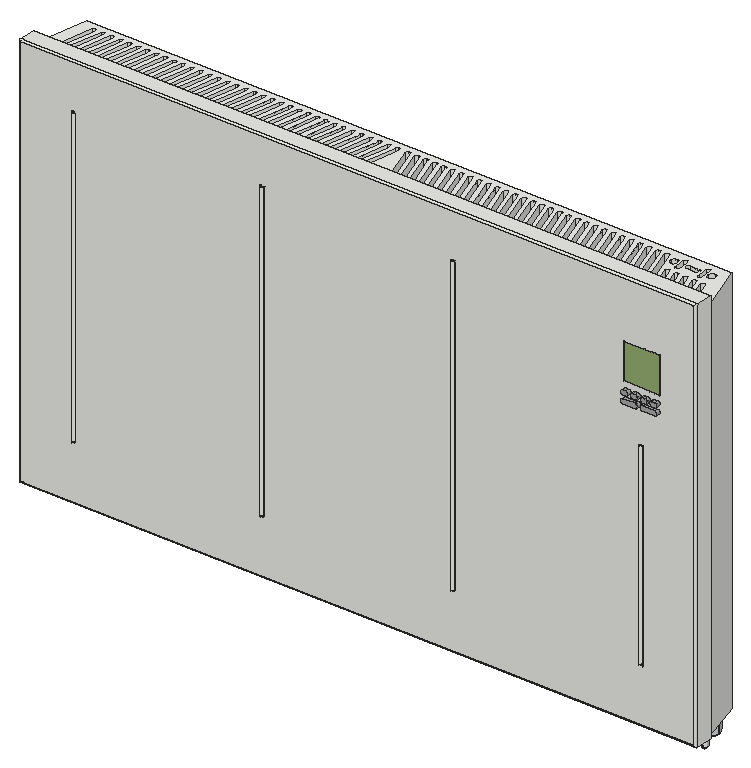
Revit family "Elegance 750W", category Mechanical Equipment, Revit 2018
Family settings
  Round Connector Dimension = Use Radius
  Part Type = Normal
  OmniClass Number = 23.75.10.14.14.11
  OmniClass Title = Storage Heaters
  Work Plane-Based = No
  Always vertical = Yes
  Cut with Voids When Loaded = No
  Shared = No
  Room Calculation Point = No
Parameters
  Zwart = Zwart
  Voltage = 230 V
  URL = "https://masterwatt.nl/"
  Power (default) = 750 VA
  Phase = 1
  Model = "Elegance 750W"
  Manufacturer = "Masterwatt B.V."
  Copyright = "Masterwatt B.V."  # constant formula
  Colour = Laquer White
  Scherm = Screen
  Beugel = Metaal
  Licht grijs = Licht grijs
  Diepte = 71 mm
  Hoogte = 440 mm
  Breedte = 750 mm
  Art. No. = "429 754 101"
Reference planes
  plane 1 "Center (Front/Back)": y = 0
  plane 2: z = 0
  plane 3 "Center (Left/Right)": x = 0
  plane 4: x = 375
  plane 5: x = -375
  plane 6: z = 440
  plane 7: y = 35.5
  plane 8: y = -35.5
  plane 9: z = 402
  plane 10: z = 412
  plane 11: x = -222
  plane 12: x = 222
  plane 13: z = 32
  plane 14: x = -201
  plane 15: x = 201
  plane 16: z = 367
  plane 17: x = -22
  plane 18: x = 22
Forms (mm)
  Extrusion 1, solid, material "Laquer White" <- "Colour"
    sketch origin (0, 0, 0) x (1, 0, 0) y (0, 0, 1)
      loop
        line (-375, 440) -> (-375, 0) -> (375, 0) -> (375, 440) -> (-375, 440)
    from 15.5 to 35.5
  Sweep 2, void
    path in 3D
      loop
        line (-375, -35.5, 440) -> (-375, -35.5, 0) -> (375, -35.5, 0) -> (375, -35.5, 440) -> (-375, -35.5, 440)
    profile origin (0, -35.5, 440) x (0, -1, 0) y (0, 0, 1)
      loop
        line (0, 0) -> (-2, 0)
        arc (-2, 0) -> (-0.586, -0.586) -> (0, -2) r 2
        line (0, -2) -> (0, 0)
  Blend 3, void
    base sketch origin (0, 0, 0) x (1, 0, 0) y (0, 0, 1)
      loop
        line (314, 278) -> (314, 62) -> (315, 62) -> (315, 278) -> (314, 278)
    top sketch origin (0, 0, 0) x (1, 0, 0) y (0, 0, 1)
      loop
        arc (312, 280) -> (311.293, 279.707) -> (311, 279) r 1
        line (311, 279) -> (311, 61)
        arc (311, 61) -> (311.293, 60.293) -> (312, 60) r 1
        line (312, 60) -> (317, 60)
        arc (317, 60) -> (317.707, 60.293) -> (318, 61) r 1
        line (318, 61) -> (318, 279)
        arc (318, 279) -> (317.707, 279.707) -> (317, 280) r 1
        line (317, 280) -> (312, 280)
    from 34 to 36
  Blend 4, void
    base sketch origin (-629, 0, 0) x (1, 0, 0) y (0, 0, 1)
      loop
        line (314, 388) -> (314, 62) -> (315, 62) -> (315, 388) -> (314, 388)
    top sketch origin (-629, 0, 0) x (1, 0, 0) y (0, 0, 1)
      loop
        arc (312, 390) -> (311.293, 389.707) -> (311, 389) r 1
        line (311, 389) -> (311, 61)
        arc (311, 61) -> (311.293, 60.293) -> (312, 60) r 1
        line (312, 60) -> (317, 60)
        arc (317, 60) -> (317.707, 60.293) -> (318, 61) r 1
        line (318, 61) -> (318, 389)
        arc (318, 389) -> (317.707, 389.707) -> (317, 390) r 1
        line (317, 390) -> (312, 390)
    from 34 to 36
  Blend 5, void
    base sketch origin (-420, 0, 0) x (1, 0, 0) y (0, 0, 1)
      loop
        line (314, 388) -> (314, 62) -> (315, 62) -> (315, 388) -> (314, 388)
    top sketch origin (-420, 0, 0) x (1, 0, 0) y (0, 0, 1)
      loop
        arc (312, 390) -> (311.293, 389.707) -> (311, 389) r 1
        line (311, 389) -> (311, 61)
        arc (311, 61) -> (311.293, 60.293) -> (312, 60) r 1
        line (312, 60) -> (317, 60)
        arc (317, 60) -> (317.707, 60.293) -> (318, 61) r 1
        line (318, 61) -> (318, 389)
        arc (318, 389) -> (317.707, 389.707) -> (317, 390) r 1
        line (317, 390) -> (312, 390)
    from 34 to 36
  Blend 6, void
    base sketch origin (-209, 0, 0) x (1, 0, 0) y (0, 0, 1)
      loop
        line (314, 388) -> (314, 62) -> (315, 62) -> (315, 388) -> (314, 388)
    top sketch origin (-209, 0, 0) x (1, 0, 0) y (0, 0, 1)
      loop
        arc (312, 390) -> (311.293, 389.707) -> (311, 389) r 1
        line (311, 389) -> (311, 61)
        arc (311, 61) -> (311.293, 60.293) -> (312, 60) r 1
        line (312, 60) -> (317, 60)
        arc (317, 60) -> (317.707, 60.293) -> (318, 61) r 1
        line (318, 61) -> (318, 389)
        arc (318, 389) -> (317.707, 389.707) -> (317, 390) r 1
        line (317, 390) -> (312, 390)
    from 34 to 36
  Extrusion 7, void
    sketch origin (0, 0, 0) x (1, 0, 0) y (0, 0, 1)
      loop
        line (295, 376) -> (295, 336) -> (335, 336) -> (335, 376) -> (295, 376)
    from 31.5 to 35.5
  Extrusion 8, solid, material "Screen" <- "Scherm"
    sketch origin (0, 0, 0) x (1, 0, 0) y (0, 0, 1)
      loop
        line (295, 376) -> (295, 336) -> (335, 336) -> (335, 376) -> (295, 376)
    from 31.5 to 35.5
  Extrusion 9, solid, material "Licht grijs" <- "Licht grijs"
    sketch origin (0, 0, 0) x (1, 0, 0) y (0, 0, 1)
      loop
        arc (297.5, 321.5) -> (295, 319) -> (297.5, 316.5) r 2.5
        line (297.5, 316.5) -> (311, 316.5)
        arc (311, 316.5) -> (313.5, 319) -> (311, 321.5) r 2.5
        line (311, 321.5) -> (297.5, 321.5)
      loop
        arc (319, 321.5) -> (316.5, 319) -> (319, 316.5) r 2.5
        line (319, 316.5) -> (332.5, 316.5)
        arc (332.5, 316.5) -> (335, 319) -> (332.5, 321.5) r 2.5
        line (332.5, 321.5) -> (319, 321.5)
      loop
        arc (297.5, 330) -> (295, 327.5) -> (297.5, 325) r 2.5
        line (297.5, 325) -> (300.3, 325)
        arc (300.3, 325) -> (302.8, 327.5) -> (300.3, 330) r 2.5
        line (300.3, 330) -> (297.5, 330)
      loop
        arc (319, 330) -> (316.5, 327.5) -> (319, 325) r 2.5
        line (319, 325) -> (321.8, 325)
        arc (321.8, 325) -> (324.3, 327.5) -> (321.8, 330) r 2.5
        line (321.8, 330) -> (319, 330)
      loop
        arc (329.7, 330) -> (327.2, 327.5) -> (329.7, 325) r 2.5
        line (329.7, 325) -> (332.5, 325)
        arc (332.5, 325) -> (335, 327.5) -> (332.5, 330) r 2.5
        line (332.5, 330) -> (329.7, 330)
      loop
        arc (308.2, 330) -> (305.7, 327.5) -> (308.2, 325) r 2.5
        line (308.2, 325) -> (311, 325)
        arc (311, 325) -> (313.5, 327.5) -> (311, 330) r 2.5
        line (311, 330) -> (308.2, 330)
    from 35.5 to 39.5
  Extrusion 10, solid, material "Laquer White"
    sketch origin (0, 0, 0) x (0, 1, 0) y (0, 0, 1)
      loop
        line (-25.5, 2) -> (35.5, 2) -> (35.5, 434) -> (-25.5, 428.02) -> (-25.5, 2)
    from -373 to 373
  Extrusion 11, void
    sketch origin (0, 0, 0) x (1, 0, 0) y (0, 1, 0)
      loop
        line (373, -15.5) -> (373, 35.5) -> (357.408, 35.5) -> (373, -15.5)
    from 2 to 440
  Extrusion 12, void
    sketch origin (0, 0, 0) x (-1, 0, 0) y (0, -1, 0)
      loop
        line (373, 15.5) -> (357.408, -35.5) -> (373, -35.5) -> (373, 15.5)
    from 2 to 440
  Extrusion 13, void
    sketch origin (0, 0, 0) x (1, 0, 0) y (0, 1, 0)
      loop
        arc (350.43, -7.84) -> (353.551, -9.5) -> (355.211, -6.378) r 2.5
        line (355.211, -6.378) -> (350.826, 7.966)
        arc (350.826, 7.966) -> (347.704, 9.626) -> (346.044, 6.504) r 2.5
        line (346.044, 6.504) -> (350.43, -7.84)
      loop
        arc (300.93, -7.84) -> (304.051, -9.5) -> (305.711, -6.378) r 2.5
        line (305.711, -6.378) -> (295.478, 27.092)
        arc (295.478, 27.092) -> (292.357, 28.752) -> (290.697, 25.63) r 2.5
        line (290.697, 25.63) -> (300.93, -7.84)
      loop
        arc (291.03, -7.84) -> (294.151, -9.5) -> (295.811, -6.378) r 2.5
        line (295.811, -6.378) -> (285.578, 27.092)
        arc (285.578, 27.092) -> (282.457, 28.752) -> (280.797, 25.63) r 2.5
        line (280.797, 25.63) -> (291.03, -7.84)
      loop
        arc (281.13, -7.84) -> (284.251, -9.5) -> (285.911, -6.378) r 2.5
        line (285.911, -6.378) -> (275.678, 27.092)
        arc (275.678, 27.092) -> (272.557, 28.752) -> (270.897, 25.63) r 2.5
        line (270.897, 25.63) -> (281.13, -7.84)
      loop
        arc (271.23, -7.84) -> (274.351, -9.5) -> (276.011, -6.378) r 2.5
        line (276.011, -6.378) -> (265.778, 27.092)
        arc (265.778, 27.092) -> (262.657, 28.752) -> (260.997, 25.63) r 2.5
        line (260.997, 25.63) -> (271.23, -7.84)
      loop
        arc (261.33, -7.84) -> (264.451, -9.5) -> (266.111, -6.378) r 2.5
        line (266.111, -6.378) -> (255.878, 27.092)
        arc (255.878, 27.092) -> (252.757, 28.752) -> (251.097, 25.63) r 2.5
        line (251.097, 25.63) -> (261.33, -7.84)
      loop
        arc (251.43, -7.84) -> (254.551, -9.5) -> (256.211, -6.378) r 2.5
        line (256.211, -6.378) -> (245.978, 27.092)
        arc (245.978, 27.092) -> (242.857, 28.752) -> (241.197, 25.63) r 2.5
        line (241.197, 25.63) -> (251.43, -7.84)
      loop
        arc (241.53, -7.84) -> (244.651, -9.5) -> (246.311, -6.378) r 2.5
        line (246.311, -6.378) -> (236.078, 27.092)
        arc (236.078, 27.092) -> (232.957, 28.752) -> (231.297, 25.63) r 2.5
        line (231.297, 25.63) -> (241.53, -7.84)
      loop
        arc (231.63, -7.84) -> (234.751, -9.5) -> (236.411, -6.378) r 2.5
        line (236.411, -6.378) -> (226.178, 27.092)
        arc (226.178, 27.092) -> (223.057, 28.752) -> (221.397, 25.63) r 2.5
        line (221.397, 25.63) -> (231.63, -7.84)
      loop
        arc (221.73, -7.84) -> (224.851, -9.5) -> (226.511, -6.378) r 2.5
        line (226.511, -6.378) -> (216.278, 27.092)
        arc (216.278, 27.092) -> (213.157, 28.752) -> (211.497, 25.63) r 2.5
        line (211.497, 25.63) -> (221.73, -7.84)
      loop
        arc (211.83, -7.84) -> (214.951, -9.5) -> (216.611, -6.378) r 2.5
        line (216.611, -6.378) -> (206.378, 27.092)
        arc (206.378, 27.092) -> (203.257, 28.752) -> (201.597, 25.63) r 2.5
        line (201.597, 25.63) -> (211.83, -7.84)
      loop
        arc (201.93, -7.84) -> (205.051, -9.5) -> (206.711, -6.378) r 2.5
        line (206.711, -6.378) -> (196.478, 27.092)
        arc (196.478, 27.092) -> (193.357, 28.752) -> (191.697, 25.63) r 2.5
        line (191.697, 25.63) -> (201.93, -7.84)
      loop
        arc (192.03, -7.84) -> (195.151, -9.5) -> (196.811, -6.378) r 2.5
        line (196.811, -6.378) -> (186.578, 27.092)
        arc (186.578, 27.092) -> (183.457, 28.752) -> (181.797, 25.63) r 2.5
        line (181.797, 25.63) -> (192.03, -7.84)
      loop
        arc (182.13, -7.84) -> (185.251, -9.5) -> (186.911, -6.378) r 2.5
        line (186.911, -6.378) -> (176.678, 27.092)
        arc (176.678, 27.092) -> (173.557, 28.752) -> (171.897, 25.63) r 2.5
        line (171.897, 25.63) -> (182.13, -7.84)
      loop
        arc (172.23, -7.84) -> (175.351, -9.5) -> (177.011, -6.378) r 2.5
        line (177.011, -6.378) -> (166.778, 27.092)
        arc (166.778, 27.092) -> (163.657, 28.752) -> (161.997, 25.63) r 2.5
        line (161.997, 25.63) -> (172.23, -7.84)
      loop
        arc (162.33, -7.84) -> (165.451, -9.5) -> (167.111, -6.378) r 2.5
        line (167.111, -6.378) -> (156.878, 27.092)
        arc (156.878, 27.092) -> (153.757, 28.752) -> (152.097, 25.63) r 2.5
        line (152.097, 25.63) -> (162.33, -7.84)
      loop
        arc (152.43, -7.84) -> (155.551, -9.5) -> (157.211, -6.378) r 2.5
        line (157.211, -6.378) -> (146.978, 27.092)
        arc (146.978, 27.092) -> (143.857, 28.752) -> (142.197, 25.63) r 2.5
        line (142.197, 25.63) -> (152.43, -7.84)
      loop
        arc (142.53, -7.84) -> (145.651, -9.5) -> (147.311, -6.378) r 2.5
        line (147.311, -6.378) -> (137.078, 27.092)
        arc (137.078, 27.092) -> (133.957, 28.752) -> (132.297, 25.63) r 2.5
        line (132.297, 25.63) -> (142.53, -7.84)
      loop
        arc (132.63, -7.84) -> (135.751, -9.5) -> (137.411, -6.378) r 2.5
        line (137.411, -6.378) -> (127.178, 27.092)
        arc (127.178, 27.092) -> (124.057, 28.752) -> (122.397, 25.63) r 2.5
        line (122.397, 25.63) -> (132.63, -7.84)
      loop
        arc (122.73, -7.84) -> (125.851, -9.5) -> (127.511, -6.378) r 2.5
        line (127.511, -6.378) -> (117.278, 27.092)
        arc (117.278, 27.092) -> (114.157, 28.752) -> (112.497, 25.63) r 2.5
        line (112.497, 25.63) -> (122.73, -7.84)
      loop
        arc (112.83, -7.84) -> (115.951, -9.5) -> (117.611, -6.378) r 2.5
        line (117.611, -6.378) -> (107.378, 27.092)
        arc (107.378, 27.092) -> (104.257, 28.752) -> (102.597, 25.63) r 2.5
        line (102.597, 25.63) -> (112.83, -7.84)
      loop
        arc (102.93, -7.84) -> (106.051, -9.5) -> (107.711, -6.378) r 2.5
        line (107.711, -6.378) -> (97.478, 27.092)
        arc (97.478, 27.092) -> (94.357, 28.752) -> (92.697, 25.63) r 2.5
        line (92.697, 25.63) -> (102.93, -7.84)
      loop
        arc (93.03, -7.84) -> (96.151, -9.5) -> (97.811, -6.378) r 2.5
        line (97.811, -6.378) -> (87.578, 27.092)
        arc (87.578, 27.092) -> (84.457, 28.752) -> (82.797, 25.63) r 2.5
        line (82.797, 25.63) -> (93.03, -7.84)
      loop
        arc (83.13, -7.84) -> (86.251, -9.5) -> (87.911, -6.378) r 2.5
        line (87.911, -6.378) -> (77.678, 27.092)
        arc (77.678, 27.092) -> (74.557, 28.752) -> (72.897, 25.63) r 2.5
        line (72.897, 25.63) -> (83.13, -7.84)
      loop
        arc (73.23, -7.84) -> (76.351, -9.5) -> (78.011, -6.378) r 2.5
        line (78.011, -6.378) -> (67.778, 27.092)
        arc (67.778, 27.092) -> (64.657, 28.752) -> (62.997, 25.63) r 2.5
        line (62.997, 25.63) -> (73.23, -7.84)
      loop
        arc (63.33, -7.84) -> (66.451, -9.5) -> (68.111, -6.378) r 2.5
        line (68.111, -6.378) -> (57.878, 27.092)
        arc (57.878, 27.092) -> (54.757, 28.752) -> (53.097, 25.63) r 2.5
        line (53.097, 25.63) -> (63.33, -7.84)
      loop
        arc (53.43, -7.84) -> (56.551, -9.5) -> (58.211, -6.378) r 2.5
        line (58.211, -6.378) -> (47.978, 27.092)
        arc (47.978, 27.092) -> (44.857, 28.752) -> (43.197, 25.63) r 2.5
        line (43.197, 25.63) -> (53.43, -7.84)
      loop
        arc (43.53, -7.84) -> (46.651, -9.5) -> (48.311, -6.378) r 2.5
        line (48.311, -6.378) -> (38.078, 27.092)
        arc (38.078, 27.092) -> (34.957, 28.752) -> (33.297, 25.63) r 2.5
        line (33.297, 25.63) -> (43.53, -7.84)
      loop
        arc (33.63, -7.84) -> (36.751, -9.5) -> (38.411, -6.378) r 2.5
        line (38.411, -6.378) -> (28.178, 27.092)
        arc (28.178, 27.092) -> (25.057, 28.752) -> (23.397, 25.63) r 2.5
        line (23.397, 25.63) -> (33.63, -7.84)
      loop
        arc (23.73, -7.84) -> (26.851, -9.5) -> (28.511, -6.378) r 2.5
        line (28.511, -6.378) -> (18.278, 27.092)
        arc (18.278, 27.092) -> (15.157, 28.752) -> (13.497, 25.63) r 2.5
        line (13.497, 25.63) -> (23.73, -7.84)
      loop
        arc (13.83, -7.84) -> (16.951, -9.5) -> (18.611, -6.378) r 2.5
        line (18.611, -6.378) -> (8.378, 27.092)
        arc (8.378, 27.092) -> (5.257, 28.752) -> (3.597, 25.63) r 2.5
        line (3.597, 25.63) -> (13.83, -7.84)
      loop
        line (-350.43, -7.84) -> (-340.197, 25.63)
        arc (-340.197, 25.63) -> (-341.857, 28.752) -> (-344.978, 27.092) r 2.5
        line (-344.978, 27.092) -> (-355.211, -6.378)
        arc (-355.211, -6.378) -> (-353.551, -9.5) -> (-350.43, -7.84) r 2.5
      loop
        line (-340.53, -7.84) -> (-330.297, 25.63)
        arc (-330.297, 25.63) -> (-331.957, 28.752) -> (-335.078, 27.092) r 2.5
        line (-335.078, 27.092) -> (-345.311, -6.378)
        arc (-345.311, -6.378) -> (-343.651, -9.5) -> (-340.53, -7.84) r 2.5
      loop
        line (-330.63, -7.84) -> (-320.397, 25.63)
        arc (-320.397, 25.63) -> (-322.057, 28.752) -> (-325.178, 27.092) r 2.5
        line (-325.178, 27.092) -> (-335.411, -6.378)
        arc (-335.411, -6.378) -> (-333.751, -9.5) -> (-330.63, -7.84) r 2.5
      loop
        line (-320.73, -7.84) -> (-310.497, 25.63)
        arc (-310.497, 25.63) -> (-312.157, 28.752) -> (-315.278, 27.092) r 2.5
        line (-315.278, 27.092) -> (-325.511, -6.378)
        arc (-325.511, -6.378) -> (-323.851, -9.5) -> (-320.73, -7.84) r 2.5
      loop
        line (-310.83, -7.84) -> (-300.597, 25.63)
        arc (-300.597, 25.63) -> (-302.257, 28.752) -> (-305.378, 27.092) r 2.5
        line (-305.378, 27.092) -> (-315.611, -6.378)
        arc (-315.611, -6.378) -> (-313.951, -9.5) -> (-310.83, -7.84) r 2.5
      loop
        line (-300.93, -7.84) -> (-290.697, 25.63)
        arc (-290.697, 25.63) -> (-292.357, 28.752) -> (-295.478, 27.092) r 2.5
        line (-295.478, 27.092) -> (-305.711, -6.378)
        arc (-305.711, -6.378) -> (-304.051, -9.5) -> (-300.93, -7.84) r 2.5
      loop
        line (-291.03, -7.84) -> (-280.797, 25.63)
        arc (-280.797, 25.63) -> (-282.457, 28.752) -> (-285.578, 27.092) r 2.5
        line (-285.578, 27.092) -> (-295.811, -6.378)
        arc (-295.811, -6.378) -> (-294.151, -9.5) -> (-291.03, -7.84) r 2.5
      loop
        line (-281.13, -7.84) -> (-270.897, 25.63)
        arc (-270.897, 25.63) -> (-272.557, 28.752) -> (-275.678, 27.092) r 2.5
        line (-275.678, 27.092) -> (-285.911, -6.378)
        arc (-285.911, -6.378) -> (-284.251, -9.5) -> (-281.13, -7.84) r 2.5
      loop
        line (-271.23, -7.84) -> (-260.997, 25.63)
        arc (-260.997, 25.63) -> (-262.657, 28.752) -> (-265.778, 27.092) r 2.5
        line (-265.778, 27.092) -> (-276.011, -6.378)
        arc (-276.011, -6.378) -> (-274.351, -9.5) -> (-271.23, -7.84) r 2.5
      loop
        line (-261.33, -7.84) -> (-251.097, 25.63)
        arc (-251.097, 25.63) -> (-252.757, 28.752) -> (-255.878, 27.092) r 2.5
        line (-255.878, 27.092) -> (-266.111, -6.378)
        arc (-266.111, -6.378) -> (-264.451, -9.5) -> (-261.33, -7.84) r 2.5
      loop
        line (-251.43, -7.84) -> (-241.197, 25.63)
        arc (-241.197, 25.63) -> (-242.857, 28.752) -> (-245.978, 27.092) r 2.5
        line (-245.978, 27.092) -> (-256.211, -6.378)
        arc (-256.211, -6.378) -> (-254.551, -9.5) -> (-251.43, -7.84) r 2.5
      loop
        line (-241.53, -7.84) -> (-231.297, 25.63)
        arc (-231.297, 25.63) -> (-232.957, 28.752) -> (-236.078, 27.092) r 2.5
        line (-236.078, 27.092) -> (-246.311, -6.378)
        arc (-246.311, -6.378) -> (-244.651, -9.5) -> (-241.53, -7.84) r 2.5
      loop
        line (-231.63, -7.84) -> (-221.397, 25.63)
        arc (-221.397, 25.63) -> (-223.057, 28.752) -> (-226.178, 27.092) r 2.5
        line (-226.178, 27.092) -> (-236.411, -6.378)
        arc (-236.411, -6.378) -> (-234.751, -9.5) -> (-231.63, -7.84) r 2.5
      loop
        line (-221.73, -7.84) -> (-211.497, 25.63)
        arc (-211.497, 25.63) -> (-213.157, 28.752) -> (-216.278, 27.092) r 2.5
        line (-216.278, 27.092) -> (-226.511, -6.378)
        arc (-226.511, -6.378) -> (-224.851, -9.5) -> (-221.73, -7.84) r 2.5
      loop
        line (-211.83, -7.84) -> (-201.597, 25.63)
        arc (-201.597, 25.63) -> (-203.257, 28.752) -> (-206.378, 27.092) r 2.5
        line (-206.378, 27.092) -> (-216.611, -6.378)
        arc (-216.611, -6.378) -> (-214.951, -9.5) -> (-211.83, -7.84) r 2.5
      loop
        line (-201.93, -7.84) -> (-191.697, 25.63)
        arc (-191.697, 25.63) -> (-193.357, 28.752) -> (-196.478, 27.092) r 2.5
        line (-196.478, 27.092) -> (-206.711, -6.378)
        arc (-206.711, -6.378) -> (-205.051, -9.5) -> (-201.93, -7.84) r 2.5
      loop
        line (-192.03, -7.84) -> (-181.797, 25.63)
        arc (-181.797, 25.63) -> (-183.457, 28.752) -> (-186.578, 27.092) r 2.5
        line (-186.578, 27.092) -> (-196.811, -6.378)
        arc (-196.811, -6.378) -> (-195.151, -9.5) -> (-192.03, -7.84) r 2.5
      loop
        line (-182.13, -7.84) -> (-171.897, 25.63)
        arc (-171.897, 25.63) -> (-173.557, 28.752) -> (-176.678, 27.092) r 2.5
        line (-176.678, 27.092) -> (-186.911, -6.378)
        arc (-186.911, -6.378) -> (-185.251, -9.5) -> (-182.13, -7.84) r 2.5
      loop
        line (-172.23, -7.84) -> (-161.997, 25.63)
        arc (-161.997, 25.63) -> (-163.657, 28.752) -> (-166.778, 27.092) r 2.5
        line (-166.778, 27.092) -> (-177.011, -6.378)
        arc (-177.011, -6.378) -> (-175.351, -9.5) -> (-172.23, -7.84) r 2.5
      loop
        line (-162.33, -7.84) -> (-152.097, 25.63)
        arc (-152.097, 25.63) -> (-153.757, 28.752) -> (-156.878, 27.092) r 2.5
        line (-156.878, 27.092) -> (-167.111, -6.378)
        arc (-167.111, -6.378) -> (-165.451, -9.5) -> (-162.33, -7.84) r 2.5
      loop
        line (-152.43, -7.84) -> (-142.197, 25.63)
        arc (-142.197, 25.63) -> (-143.857, 28.752) -> (-146.978, 27.092) r 2.5
        line (-146.978, 27.092) -> (-157.211, -6.378)
        arc (-157.211, -6.378) -> (-155.551, -9.5) -> (-152.43, -7.84) r 2.5
      loop
        line (-142.53, -7.84) -> (-132.297, 25.63)
        arc (-132.297, 25.63) -> (-133.957, 28.752) -> (-137.078, 27.092) r 2.5
        line (-137.078, 27.092) -> (-147.311, -6.378)
        arc (-147.311, -6.378) -> (-145.651, -9.5) -> (-142.53, -7.84) r 2.5
      loop
        line (-132.63, -7.84) -> (-122.397, 25.63)
        arc (-122.397, 25.63) -> (-124.057, 28.752) -> (-127.178, 27.092) r 2.5
        line (-127.178, 27.092) -> (-137.411, -6.378)
        arc (-137.411, -6.378) -> (-135.751, -9.5) -> (-132.63, -7.84) r 2.5
      loop
        line (-122.73, -7.84) -> (-112.497, 25.63)
        arc (-112.497, 25.63) -> (-114.157, 28.752) -> (-117.278, 27.092) r 2.5
        line (-117.278, 27.092) -> (-127.511, -6.378)
        arc (-127.511, -6.378) -> (-125.851, -9.5) -> (-122.73, -7.84) r 2.5
      loop
        line (-112.83, -7.84) -> (-102.597, 25.63)
        arc (-102.597, 25.63) -> (-104.257, 28.752) -> (-107.378, 27.092) r 2.5
        line (-107.378, 27.092) -> (-117.611, -6.378)
        arc (-117.611, -6.378) -> (-115.951, -9.5) -> (-112.83, -7.84) r 2.5
      loop
        line (-102.93, -7.84) -> (-92.697, 25.63)
        arc (-92.697, 25.63) -> (-94.357, 28.752) -> (-97.478, 27.092) r 2.5
        line (-97.478, 27.092) -> (-107.711, -6.378)
        arc (-107.711, -6.378) -> (-106.051, -9.5) -> (-102.93, -7.84) r 2.5
      loop
        line (-93.03, -7.84) -> (-82.797, 25.63)
        arc (-82.797, 25.63) -> (-84.457, 28.752) -> (-87.578, 27.092) r 2.5
        line (-87.578, 27.092) -> (-97.811, -6.378)
        arc (-97.811, -6.378) -> (-96.151, -9.5) -> (-93.03, -7.84) r 2.5
      loop
        line (-83.13, -7.84) -> (-72.897, 25.63)
        arc (-72.897, 25.63) -> (-74.557, 28.752) -> (-77.678, 27.092) r 2.5
        line (-77.678, 27.092) -> (-87.911, -6.378)
        arc (-87.911, -6.378) -> (-86.251, -9.5) -> (-83.13, -7.84) r 2.5
      loop
        line (-73.23, -7.84) -> (-62.997, 25.63)
        arc (-62.997, 25.63) -> (-64.657, 28.752) -> (-67.778, 27.092) r 2.5
        line (-67.778, 27.092) -> (-78.011, -6.378)
        arc (-78.011, -6.378) -> (-76.351, -9.5) -> (-73.23, -7.84) r 2.5
      loop
        line (-63.33, -7.84) -> (-53.097, 25.63)
        arc (-53.097, 25.63) -> (-54.757, 28.752) -> (-57.878, 27.092) r 2.5
        line (-57.878, 27.092) -> (-68.111, -6.378)
        arc (-68.111, -6.378) -> (-66.451, -9.5) -> (-63.33, -7.84) r 2.5
      loop
        line (-53.43, -7.84) -> (-43.197, 25.63)
        arc (-43.197, 25.63) -> (-44.857, 28.752) -> (-47.978, 27.092) r 2.5
        line (-47.978, 27.092) -> (-58.211, -6.378)
        arc (-58.211, -6.378) -> (-56.551, -9.5) -> (-53.43, -7.84) r 2.5
      loop
        line (-43.53, -7.84) -> (-33.297, 25.63)
        arc (-33.297, 25.63) -> (-34.957, 28.752) -> (-38.078, 27.092) r 2.5
        line (-38.078, 27.092) -> (-48.311, -6.378)
        arc (-48.311, -6.378) -> (-46.651, -9.5) -> (-43.53, -7.84) r 2.5
      loop
        line (-33.63, -7.84) -> (-23.397, 25.63)
        arc (-23.397, 25.63) -> (-25.057, 28.752) -> (-28.178, 27.092) r 2.5
        line (-28.178, 27.092) -> (-38.411, -6.378)
        arc (-38.411, -6.378) -> (-36.751, -9.5) -> (-33.63, -7.84) r 2.5
      loop
        line (-23.73, -7.84) -> (-13.497, 25.63)
        arc (-13.497, 25.63) -> (-15.157, 28.752) -> (-18.278, 27.092) r 2.5
        line (-18.278, 27.092) -> (-28.511, -6.378)
        arc (-28.511, -6.378) -> (-26.851, -9.5) -> (-23.73, -7.84) r 2.5
      loop
        line (-13.83, -7.84) -> (-3.597, 25.63)
        arc (-3.597, 25.63) -> (-5.257, 28.752) -> (-8.378, 27.092) r 2.5
        line (-8.378, 27.092) -> (-18.611, -6.378)
        arc (-18.611, -6.378) -> (-16.951, -9.5) -> (-13.83, -7.84) r 2.5
      loop
        arc (340.531, -7.84) -> (343.652, -9.5) -> (345.312, -6.378) r 2.5
        line (345.312, -6.378) -> (340.927, 7.966)
        arc (340.927, 7.966) -> (337.805, 9.626) -> (336.145, 6.504) r 2.5
        line (336.145, 6.504) -> (340.531, -7.84)
      loop
        arc (330.631, -7.84) -> (333.752, -9.5) -> (335.412, -6.378) r 2.5
        line (335.412, -6.378) -> (331.027, 7.966)
        arc (331.027, 7.966) -> (327.905, 9.626) -> (326.245, 6.504) r 2.5
        line (326.245, 6.504) -> (330.631, -7.84)
      loop
        arc (320.73, -7.84) -> (323.851, -9.5) -> (325.511, -6.378) r 2.5
        line (325.511, -6.378) -> (321.126, 7.966)
        arc (321.126, 7.966) -> (318.004, 9.626) -> (316.344, 6.504) r 2.5
        line (316.344, 6.504) -> (320.73, -7.84)
      loop
        arc (310.831, -7.84) -> (313.952, -9.5) -> (315.612, -6.378) r 2.5
        line (315.612, -6.378) -> (311.227, 7.966)
        arc (311.227, 7.966) -> (308.105, 9.626) -> (306.445, 6.504) r 2.5
        line (306.445, 6.504) -> (310.831, -7.84)
      loop
        arc (320.535, 24.5) -> (318.035, 22) -> (320.535, 19.5) r 2.5
        line (320.535, 19.5) -> (330.535, 19.5)
        arc (330.535, 19.5) -> (333.035, 22) -> (330.535, 24.5) r 2.5
        line (330.535, 24.5) -> (320.535, 24.5)
      loop
        arc (315.535, 27) -> (313.035, 29.5) -> (310.535, 27) r 2.5
        line (310.535, 27) -> (310.535, 17)
        arc (310.535, 17) -> (313.035, 14.5) -> (315.535, 17) r 2.5
        line (315.535, 17) -> (315.535, 27)
      loop
        line (335.535, 27) -> (335.535, 17)
        arc (335.535, 17) -> (338.035, 14.5) -> (340.535, 17) r 2.5
        line (340.535, 17) -> (340.535, 27)
        arc (340.535, 27) -> (338.035, 29.5) -> (335.535, 27) r 2.5
      loop
        circle (346.535, 22) r 4
      loop
        circle (304.535, 22) r 4
    from 420 to 440
  Extrusion 14, void
    sketch origin (0, 0, 0) x (1, 0, 0) y (0, 1, 0)
      loop
        line (297, -25.5) -> (297, -15.5) -> (253, -15.5) -> (253, -25.5) -> (297, -25.5)
    from 0 to 3
  Extrusion 15, void
    sketch origin (0, 0, 0) x (-1, 0, 0) y (0, -1, 0)
      loop
        line (297, 25.5) -> (253, 25.5) -> (253, 15.5) -> (297, 15.5) -> (297, 25.5)
    from 0 to 3
  Extrusion 16, void
    sketch origin (0, 200, 0) x (1, 0, 0) y (0, 1, 0)
      loop
        line (-330, -184) -> (-330, -209)
        arc (-330, -209) -> (-327.5, -211.5) -> (-325, -209) r 2.5
        line (-325, -209) -> (-325, -184)
        arc (-325, -184) -> (-327.5, -181.5) -> (-330, -184) r 2.5
      loop
        line (-320, -184) -> (-320, -209)
        arc (-320, -209) -> (-317.5, -211.5) -> (-315, -209) r 2.5
        line (-315, -209) -> (-315, -184)
        arc (-315, -184) -> (-317.5, -181.5) -> (-320, -184) r 2.5
      loop
        line (-310, -184) -> (-310, -209)
        arc (-310, -209) -> (-307.5, -211.5) -> (-305, -209) r 2.5
        line (-305, -209) -> (-305, -184)
        arc (-305, -184) -> (-307.5, -181.5) -> (-310, -184) r 2.5
      loop
        line (2.5, -184) -> (2.5, -209)
        arc (2.5, -209) -> (5, -211.5) -> (7.5, -209) r 2.5
        line (7.5, -209) -> (7.5, -184)
        arc (7.5, -184) -> (5, -181.5) -> (2.5, -184) r 2.5
      loop
        line (-7.5, -184) -> (-7.5, -209)
        arc (-7.5, -209) -> (-5, -211.5) -> (-2.5, -209) r 2.5
        line (-2.5, -209) -> (-2.5, -184)
        arc (-2.5, -184) -> (-5, -181.5) -> (-7.5, -184) r 2.5
      loop
        line (-17.5, -184) -> (-17.5, -209)
        arc (-17.5, -209) -> (-15, -211.5) -> (-12.5, -209) r 2.5
        line (-12.5, -209) -> (-12.5, -184)
        arc (-12.5, -184) -> (-15, -181.5) -> (-17.5, -184) r 2.5
      loop
        line (-27.5, -184) -> (-27.5, -209)
        arc (-27.5, -209) -> (-25, -211.5) -> (-22.5, -209) r 2.5
        line (-22.5, -209) -> (-22.5, -184)
        arc (-22.5, -184) -> (-25, -181.5) -> (-27.5, -184) r 2.5
      loop
        line (-37.5, -184) -> (-37.5, -209)
        arc (-37.5, -209) -> (-35, -211.5) -> (-32.5, -209) r 2.5
        line (-32.5, -209) -> (-32.5, -184)
        arc (-32.5, -184) -> (-35, -181.5) -> (-37.5, -184) r 2.5
      loop
        line (-47.5, -184) -> (-47.5, -209)
        arc (-47.5, -209) -> (-45, -211.5) -> (-42.5, -209) r 2.5
        line (-42.5, -209) -> (-42.5, -184)
        arc (-42.5, -184) -> (-45, -181.5) -> (-47.5, -184) r 2.5
      loop
        line (-57.5, -184) -> (-57.5, -209)
        arc (-57.5, -209) -> (-55, -211.5) -> (-52.5, -209) r 2.5
        line (-52.5, -209) -> (-52.5, -184)
        arc (-52.5, -184) -> (-55, -181.5) -> (-57.5, -184) r 2.5
      loop
        line (-67.5, -184) -> (-67.5, -209)
        arc (-67.5, -209) -> (-65, -211.5) -> (-62.5, -209) r 2.5
        line (-62.5, -209) -> (-62.5, -184)
        arc (-62.5, -184) -> (-65, -181.5) -> (-67.5, -184) r 2.5
      loop
        line (42.5, -184) -> (42.5, -209)
        arc (42.5, -209) -> (45, -211.5) -> (47.5, -209) r 2.5
        line (47.5, -209) -> (47.5, -184)
        arc (47.5, -184) -> (45, -181.5) -> (42.5, -184) r 2.5
      loop
        line (32.5, -184) -> (32.5, -209)
        arc (32.5, -209) -> (35, -211.5) -> (37.5, -209) r 2.5
        line (37.5, -209) -> (37.5, -184)
        arc (37.5, -184) -> (35, -181.5) -> (32.5, -184) r 2.5
      loop
        line (22.5, -184) -> (22.5, -209)
        arc (22.5, -209) -> (25, -211.5) -> (27.5, -209) r 2.5
        line (27.5, -209) -> (27.5, -184)
        arc (27.5, -184) -> (25, -181.5) -> (22.5, -184) r 2.5
      loop
        line (12.5, -184) -> (12.5, -209)
        arc (12.5, -209) -> (15, -211.5) -> (17.5, -209) r 2.5
        line (17.5, -209) -> (17.5, -184)
        arc (17.5, -184) -> (15, -181.5) -> (12.5, -184) r 2.5
      loop
        line (62.5, -184) -> (62.5, -209)
        arc (62.5, -209) -> (65, -211.5) -> (67.5, -209) r 2.5
        line (67.5, -209) -> (67.5, -184)
        arc (67.5, -184) -> (65, -181.5) -> (62.5, -184) r 2.5
      loop
        line (52.5, -184) -> (52.5, -209)
        arc (52.5, -209) -> (55, -211.5) -> (57.5, -209) r 2.5
        line (57.5, -209) -> (57.5, -184)
        arc (57.5, -184) -> (55, -181.5) -> (52.5, -184) r 2.5
      loop
        line (-97.5, -184) -> (-97.5, -209)
        arc (-97.5, -209) -> (-95, -211.5) -> (-92.5, -209) r 2.5
        line (-92.5, -209) -> (-92.5, -184)
        arc (-92.5, -184) -> (-95, -181.5) -> (-97.5, -184) r 2.5
      loop
        line (-107.5, -184) -> (-107.5, -209)
        arc (-107.5, -209) -> (-105, -211.5) -> (-102.5, -209) r 2.5
        line (-102.5, -209) -> (-102.5, -184)
        arc (-102.5, -184) -> (-105, -181.5) -> (-107.5, -184) r 2.5
      loop
        line (-117.5, -184) -> (-117.5, -209)
        arc (-117.5, -209) -> (-115, -211.5) -> (-112.5, -209) r 2.5
        line (-112.5, -209) -> (-112.5, -184)
        arc (-112.5, -184) -> (-115, -181.5) -> (-117.5, -184) r 2.5
      loop
        line (-127.5, -184) -> (-127.5, -209)
        arc (-127.5, -209) -> (-125, -211.5) -> (-122.5, -209) r 2.5
        line (-122.5, -209) -> (-122.5, -184)
        arc (-122.5, -184) -> (-125, -181.5) -> (-127.5, -184) r 2.5
      loop
        line (-137.5, -184) -> (-137.5, -209)
        arc (-137.5, -209) -> (-135, -211.5) -> (-132.5, -209) r 2.5
        line (-132.5, -209) -> (-132.5, -184)
        arc (-132.5, -184) -> (-135, -181.5) -> (-137.5, -184) r 2.5
      loop
        line (-147.5, -184) -> (-147.5, -209)
        arc (-147.5, -209) -> (-145, -211.5) -> (-142.5, -209) r 2.5
        line (-142.5, -209) -> (-142.5, -184)
        arc (-142.5, -184) -> (-145, -181.5) -> (-147.5, -184) r 2.5
      loop
        line (-157.5, -184) -> (-157.5, -209)
        arc (-157.5, -209) -> (-155, -211.5) -> (-152.5, -209) r 2.5
        line (-152.5, -209) -> (-152.5, -184)
        arc (-152.5, -184) -> (-155, -181.5) -> (-157.5, -184) r 2.5
      loop
        line (-167.5, -184) -> (-167.5, -209)
        arc (-167.5, -209) -> (-165, -211.5) -> (-162.5, -209) r 2.5
        line (-162.5, -209) -> (-162.5, -184)
        arc (-162.5, -184) -> (-165, -181.5) -> (-167.5, -184) r 2.5
      loop
        line (-77.5, -184) -> (-77.5, -209)
        arc (-77.5, -209) -> (-75, -211.5) -> (-72.5, -209) r 2.5
        line (-72.5, -209) -> (-72.5, -184)
        arc (-72.5, -184) -> (-75, -181.5) -> (-77.5, -184) r 2.5
      loop
        line (-87.5, -184) -> (-87.5, -209)
        arc (-87.5, -209) -> (-85, -211.5) -> (-82.5, -209) r 2.5
        line (-82.5, -209) -> (-82.5, -184)
        arc (-82.5, -184) -> (-85, -181.5) -> (-87.5, -184) r 2.5
      loop
        line (-197.5, -184) -> (-197.5, -209)
        arc (-197.5, -209) -> (-195, -211.5) -> (-192.5, -209) r 2.5
        line (-192.5, -209) -> (-192.5, -184)
        arc (-192.5, -184) -> (-195, -181.5) -> (-197.5, -184) r 2.5
      loop
        line (-207.5, -184) -> (-207.5, -209)
        arc (-207.5, -209) -> (-205, -211.5) -> (-202.5, -209) r 2.5
        line (-202.5, -209) -> (-202.5, -184)
        arc (-202.5, -184) -> (-205, -181.5) -> (-207.5, -184) r 2.5
      loop
        line (-217.5, -184) -> (-217.5, -209)
        arc (-217.5, -209) -> (-215, -211.5) -> (-212.5, -209) r 2.5
        line (-212.5, -209) -> (-212.5, -184)
        arc (-212.5, -184) -> (-215, -181.5) -> (-217.5, -184) r 2.5
      loop
        line (-227.5, -184) -> (-227.5, -209)
        arc (-227.5, -209) -> (-225, -211.5) -> (-222.5, -209) r 2.5
        line (-222.5, -209) -> (-222.5, -184)
        arc (-222.5, -184) -> (-225, -181.5) -> (-227.5, -184) r 2.5
      loop
        line (-237.5, -184) -> (-237.5, -209)
        arc (-237.5, -209) -> (-235, -211.5) -> (-232.5, -209) r 2.5
        line (-232.5, -209) -> (-232.5, -184)
        arc (-232.5, -184) -> (-235, -181.5) -> (-237.5, -184) r 2.5
      loop
        line (-247.033, -184) -> (-247.033, -209)
        arc (-247.033, -209) -> (-244.766, -211.266) -> (-242.5, -209) r 2.266
        line (-242.5, -209) -> (-242.5, -184)
        arc (-242.5, -184) -> (-244.766, -181.734) -> (-247.033, -184) r 2.266
      loop
        line (-177.5, -184) -> (-177.5, -209)
        arc (-177.5, -209) -> (-175, -211.5) -> (-172.5, -209) r 2.5
        line (-172.5, -209) -> (-172.5, -184)
        arc (-172.5, -184) -> (-175, -181.5) -> (-177.5, -184) r 2.5
      loop
        line (-187.5, -184) -> (-187.5, -209)
        arc (-187.5, -209) -> (-185, -211.5) -> (-182.5, -209) r 2.5
        line (-182.5, -209) -> (-182.5, -184)
        arc (-182.5, -184) -> (-185, -181.5) -> (-187.5, -184) r 2.5
      loop
        line (222.5, -184) -> (222.5, -209)
        arc (222.5, -209) -> (225, -211.5) -> (227.5, -209) r 2.5
        line (227.5, -209) -> (227.5, -184)
        arc (227.5, -184) -> (225, -181.5) -> (222.5, -184) r 2.5
      loop
        line (212.5, -184) -> (212.5, -209)
        arc (212.5, -209) -> (215, -211.5) -> (217.5, -209) r 2.5
        line (217.5, -209) -> (217.5, -184)
        arc (217.5, -184) -> (215, -181.5) -> (212.5, -184) r 2.5
      loop
        line (202.5, -184) -> (202.5, -209)
        arc (202.5, -209) -> (205, -211.5) -> (207.5, -209) r 2.5
        line (207.5, -209) -> (207.5, -184)
        arc (207.5, -184) -> (205, -181.5) -> (202.5, -184) r 2.5
      loop
        line (192.5, -184) -> (192.5, -209)
        arc (192.5, -209) -> (195, -211.5) -> (197.5, -209) r 2.5
        line (197.5, -209) -> (197.5, -184)
        arc (197.5, -184) -> (195, -181.5) -> (192.5, -184) r 2.5
      loop
        line (182.5, -184) -> (182.5, -209)
        arc (182.5, -209) -> (185, -211.5) -> (187.5, -209) r 2.5
        line (187.5, -209) -> (187.5, -184)
        arc (187.5, -184) -> (185, -181.5) -> (182.5, -184) r 2.5
      loop
        line (172.5, -184) -> (172.5, -209)
        arc (172.5, -209) -> (175, -211.5) -> (177.5, -209) r 2.5
        line (177.5, -209) -> (177.5, -184)
        arc (177.5, -184) -> (175, -181.5) -> (172.5, -184) r 2.5
      loop
        line (162.5, -184) -> (162.5, -209)
        arc (162.5, -209) -> (165, -211.5) -> (167.5, -209) r 2.5
        line (167.5, -209) -> (167.5, -184)
        arc (167.5, -184) -> (165, -181.5) -> (162.5, -184) r 2.5
      loop
        line (152.5, -184) -> (152.5, -209)
        arc (152.5, -209) -> (155, -211.5) -> (157.5, -209) r 2.5
        line (157.5, -209) -> (157.5, -184)
        arc (157.5, -184) -> (155, -181.5) -> (152.5, -184) r 2.5
      loop
        line (242.5, -184) -> (242.5, -209)
        arc (242.5, -209) -> (245, -211.5) -> (247.5, -209) r 2.5
        line (247.5, -209) -> (247.5, -184)
        arc (247.5, -184) -> (245, -181.5) -> (242.5, -184) r 2.5
      loop
        line (232.5, -184) -> (232.5, -209)
        arc (232.5, -209) -> (235, -211.5) -> (237.5, -209) r 2.5
        line (237.5, -209) -> (237.5, -184)
        arc (237.5, -184) -> (235, -181.5) -> (232.5, -184) r 2.5
      loop
        line (122.5, -184) -> (122.5, -209)
        arc (122.5, -209) -> (125, -211.5) -> (127.5, -209) r 2.5
        line (127.5, -209) -> (127.5, -184)
        arc (127.5, -184) -> (125, -181.5) -> (122.5, -184) r 2.5
      loop
        line (112.5, -184) -> (112.5, -209)
        arc (112.5, -209) -> (115, -211.5) -> (117.5, -209) r 2.5
        line (117.5, -209) -> (117.5, -184)
        arc (117.5, -184) -> (115, -181.5) -> (112.5, -184) r 2.5
      loop
        line (102.5, -184) -> (102.5, -209)
        arc (102.5, -209) -> (105, -211.5) -> (107.5, -209) r 2.5
        line (107.5, -209) -> (107.5, -184)
        arc (107.5, -184) -> (105, -181.5) -> (102.5, -184) r 2.5
      loop
        line (92.5, -184) -> (92.5, -209)
        arc (92.5, -209) -> (95, -211.5) -> (97.5, -209) r 2.5
        line (97.5, -209) -> (97.5, -184)
        arc (97.5, -184) -> (95, -181.5) -> (92.5, -184) r 2.5
      loop
        line (82.5, -184) -> (82.5, -209)
        arc (82.5, -209) -> (85, -211.5) -> (87.5, -209) r 2.5
        line (87.5, -209) -> (87.5, -184)
        arc (87.5, -184) -> (85, -181.5) -> (82.5, -184) r 2.5
      loop
        line (72.5, -184) -> (72.5, -209)
        arc (72.5, -209) -> (75, -211.5) -> (77.5, -209) r 2.5
        line (77.5, -209) -> (77.5, -184)
        arc (77.5, -184) -> (75, -181.5) -> (72.5, -184) r 2.5
      loop
        line (142.5, -184) -> (142.5, -209)
        arc (142.5, -209) -> (145, -211.5) -> (147.5, -209) r 2.5
        line (147.5, -209) -> (147.5, -184)
        arc (147.5, -184) -> (145, -181.5) -> (142.5, -184) r 2.5
      loop
        line (132.5, -184) -> (132.5, -209)
        arc (132.5, -209) -> (135, -211.5) -> (137.5, -209) r 2.5
        line (137.5, -209) -> (137.5, -184)
        arc (137.5, -184) -> (135, -181.5) -> (132.5, -184) r 2.5
      loop
        line (305, -184) -> (305, -209)
        arc (305, -209) -> (307.5, -211.5) -> (310, -209) r 2.5
        line (310, -209) -> (310, -184)
        arc (310, -184) -> (307.5, -181.5) -> (305, -184) r 2.5
      loop
        line (315, -184) -> (315, -209)
        arc (315, -209) -> (317.5, -211.5) -> (320, -209) r 2.5
        line (320, -209) -> (320, -184)
        arc (320, -184) -> (317.5, -181.5) -> (315, -184) r 2.5
      loop
        line (325, -184) -> (325, -209)
        arc (325, -209) -> (327.5, -211.5) -> (330, -209) r 2.5
        line (330, -209) -> (330, -184)
        arc (330, -184) -> (327.5, -181.5) -> (325, -184) r 2.5
      loop
        line (-350, -184) -> (-350, -209)
        arc (-350, -209) -> (-347.5, -211.5) -> (-345, -209) r 2.5
        line (-345, -209) -> (-345, -184)
        arc (-345, -184) -> (-347.5, -181.5) -> (-350, -184) r 2.5
      loop
        line (-340, -184) -> (-340, -209)
        arc (-340, -209) -> (-337.5, -211.5) -> (-335, -209) r 2.5
        line (-335, -209) -> (-335, -184)
        arc (-335, -184) -> (-337.5, -181.5) -> (-340, -184) r 2.5
    from 2 to 12
  Revolve 17, void
    sketch origin (0, 200, 2) x (1, 0, 0) y (0, 1, 0)
      loop
        line (-345, -164.5) -> (-345, -177)
        arc (-345, -177) -> (-342.5, -179.5) -> (-340, -177) r 2.5
        line (-340, -177) -> (-340, -164.5) -> (-345, -164.5)
      axis (-345, -164.5) -> (-340, -164.5)
    angle from 0 to -90
  Revolve 18, void
    sketch origin (-10, 200, 2) x (1, 0, 0) y (0, 1, 0)
      loop
        line (-345, -164.5) -> (-345, -177)
        arc (-345, -177) -> (-342.5, -179.5) -> (-340, -177) r 2.5
        line (-340, -177) -> (-340, -164.5) -> (-345, -164.5)
      axis (-345, -164.5) -> (-340, -164.5)
    angle from 0 to -90
  Revolve 19, void
    sketch origin (10, 200, 2) x (1, 0, 0) y (0, 1, 0)
      loop
        line (-345, -164.5) -> (-345, -177)
        arc (-345, -177) -> (-342.5, -179.5) -> (-340, -177) r 2.5
        line (-340, -177) -> (-340, -164.5) -> (-345, -164.5)
      axis (-345, -164.5) -> (-340, -164.5)
    angle from 0 to -90
  Revolve 20, void
    sketch origin (30, 200, 2) x (1, 0, 0) y (0, 1, 0)
      loop
        line (-345, -164.5) -> (-345, -177)
        arc (-345, -177) -> (-342.5, -179.5) -> (-340, -177) r 2.5
        line (-340, -177) -> (-340, -164.5) -> (-345, -164.5)
      axis (-345, -164.5) -> (-340, -164.5)
    angle from 0 to -90
  Revolve 21, void
    sketch origin (20, 200, 2) x (1, 0, 0) y (0, 1, 0)
      loop
        line (-345, -164.5) -> (-345, -177)
        arc (-345, -177) -> (-342.5, -179.5) -> (-340, -177) r 2.5
        line (-340, -177) -> (-340, -164.5) -> (-345, -164.5)
      axis (-345, -164.5) -> (-340, -164.5)
    angle from 0 to -90
  Revolve 22, void
    sketch origin (-30, 200, 2) x (-1, 0, 0) y (0, -1, 0)
      loop
        line (-345, 164.5) -> (-340, 164.5) -> (-340, 177)
        arc (-340, 177) -> (-342.5, 179.5) -> (-345, 177) r 2.5
        line (-345, 177) -> (-345, 164.5)
      axis (-345, 164.5) -> (-340, 164.5)
    angle from 0 to -90
  Revolve 23, void
    sketch origin (-20, 200, 2) x (-1, 0, 0) y (0, -1, 0)
      loop
        line (-345, 164.5) -> (-340, 164.5) -> (-340, 177)
        arc (-340, 177) -> (-342.5, 179.5) -> (-345, 177) r 2.5
        line (-345, 177) -> (-345, 164.5)
      axis (-345, 164.5) -> (-340, 164.5)
    angle from 0 to -90
  Revolve 24, void
    sketch origin (112.5, 200, 2) x (1, 0, 0) y (0, 1, 0)
      loop
        line (-345, -164.5) -> (-345, -177)
        arc (-345, -177) -> (-342.5, -179.5) -> (-340, -177) r 2.5
        line (-340, -177) -> (-340, -164.5) -> (-345, -164.5)
      axis (-345, -164.5) -> (-340, -164.5)
    angle from 0 to -90
  Revolve 25, void
    sketch origin (102.5, 200, 2) x (1, 0, 0) y (0, 1, 0)
      loop
        line (-345, -164.5) -> (-345, -177)
        arc (-345, -177) -> (-342.5, -179.5) -> (-340, -177) r 2.5
        line (-340, -177) -> (-340, -164.5) -> (-345, -164.5)
      axis (-345, -164.5) -> (-340, -164.5)
    angle from 0 to -90
  Revolve 26, void
    sketch origin (122.5, 200, 2) x (1, 0, 0) y (0, 1, 0)
      loop
        line (-345, -164.5) -> (-345, -177)
        arc (-345, -177) -> (-342.5, -179.5) -> (-340, -177) r 2.5
        line (-340, -177) -> (-340, -164.5) -> (-345, -164.5)
      axis (-345, -164.5) -> (-340, -164.5)
    angle from 0 to -90
  Revolve 27, void
    sketch origin (142.5, 200, 2) x (1, 0, 0) y (0, 1, 0)
      loop
        line (-345, -164.5) -> (-345, -177)
        arc (-345, -177) -> (-342.5, -179.5) -> (-340, -177) r 2.5
        line (-340, -177) -> (-340, -164.5) -> (-345, -164.5)
      axis (-345, -164.5) -> (-340, -164.5)
    angle from 0 to -90
  Revolve 28, void
    sketch origin (132.5, 200, 2) x (1, 0, 0) y (0, 1, 0)
      loop
        line (-345, -164.5) -> (-345, -177)
        arc (-345, -177) -> (-342.5, -179.5) -> (-340, -177) r 2.5
        line (-340, -177) -> (-340, -164.5) -> (-345, -164.5)
      axis (-345, -164.5) -> (-340, -164.5)
    angle from 0 to -90
  Revolve 29, void
    sketch origin (162.5, 200, 2) x (1, 0, 0) y (0, 1, 0)
      loop
        line (-345, -164.5) -> (-345, -177)
        arc (-345, -177) -> (-342.5, -179.5) -> (-340, -177) r 2.5
        line (-340, -177) -> (-340, -164.5) -> (-345, -164.5)
      axis (-345, -164.5) -> (-340, -164.5)
    angle from 0 to -90
  Revolve 30, void
    sketch origin (152.5, 200, 2) x (1, 0, 0) y (0, 1, 0)
      loop
        line (-345, -164.5) -> (-345, -177)
        arc (-345, -177) -> (-342.5, -179.5) -> (-340, -177) r 2.5
        line (-340, -177) -> (-340, -164.5) -> (-345, -164.5)
      axis (-345, -164.5) -> (-340, -164.5)
    angle from 0 to -90
  Revolve 31, void
    sketch origin (172.5, 200, 2) x (1, 0, 0) y (0, 1, 0)
      loop
        line (-345, -164.5) -> (-345, -177)
        arc (-345, -177) -> (-342.5, -179.5) -> (-340, -177) r 2.5
        line (-340, -177) -> (-340, -164.5) -> (-345, -164.5)
      axis (-345, -164.5) -> (-340, -164.5)
    angle from 0 to -90
  Revolve 32, void
    sketch origin (192.5, 200, 2) x (1, 0, 0) y (0, 1, 0)
      loop
        line (-345, -164.5) -> (-345, -177)
        arc (-345, -177) -> (-342.5, -179.5) -> (-340, -177) r 2.5
        line (-340, -177) -> (-340, -164.5) -> (-345, -164.5)
      axis (-345, -164.5) -> (-340, -164.5)
    angle from 0 to -90
  Revolve 33, void
    sketch origin (182.5, 200, 2) x (1, 0, 0) y (0, 1, 0)
      loop
        line (-345, -164.5) -> (-345, -177)
        arc (-345, -177) -> (-342.5, -179.5) -> (-340, -177) r 2.5
        line (-340, -177) -> (-340, -164.5) -> (-345, -164.5)
      axis (-345, -164.5) -> (-340, -164.5)
    angle from 0 to -90
  Revolve 34, void
    sketch origin (212.5, 200, 2) x (1, 0, 0) y (0, 1, 0)
      loop
        line (-345, -164.5) -> (-345, -177)
        arc (-345, -177) -> (-342.5, -179.5) -> (-340, -177) r 2.5
        line (-340, -177) -> (-340, -164.5) -> (-345, -164.5)
      axis (-345, -164.5) -> (-340, -164.5)
    angle from 0 to -90
  Revolve 35, void
    sketch origin (202.5, 200, 2) x (1, 0, 0) y (0, 1, 0)
      loop
        line (-345, -164.5) -> (-345, -177)
        arc (-345, -177) -> (-342.5, -179.5) -> (-340, -177) r 2.5
        line (-340, -177) -> (-340, -164.5) -> (-345, -164.5)
      axis (-345, -164.5) -> (-340, -164.5)
    angle from 0 to -90
  Revolve 36, void
    sketch origin (222.5, 200, 2) x (1, 0, 0) y (0, 1, 0)
      loop
        line (-345, -164.5) -> (-345, -177)
        arc (-345, -177) -> (-342.5, -179.5) -> (-340, -177) r 2.5
        line (-340, -177) -> (-340, -164.5) -> (-345, -164.5)
      axis (-345, -164.5) -> (-340, -164.5)
    angle from 0 to -90
  Revolve 37, void
    sketch origin (242.5, 200, 2) x (1, 0, 0) y (0, 1, 0)
      loop
        line (-345, -164.5) -> (-345, -177)
        arc (-345, -177) -> (-342.5, -179.5) -> (-340, -177) r 2.5
        line (-340, -177) -> (-340, -164.5) -> (-345, -164.5)
      axis (-345, -164.5) -> (-340, -164.5)
    angle from 0 to -90
  Revolve 38, void
    sketch origin (232.5, 200, 2) x (1, 0, 0) y (0, 1, 0)
      loop
        line (-345, -164.5) -> (-345, -177)
        arc (-345, -177) -> (-342.5, -179.5) -> (-340, -177) r 2.5
        line (-340, -177) -> (-340, -164.5) -> (-345, -164.5)
      axis (-345, -164.5) -> (-340, -164.5)
    angle from 0 to -90
  Revolve 39, void
    sketch origin (262.5, 200, 2) x (1, 0, 0) y (0, 1, 0)
      loop
        line (-345, -164.5) -> (-345, -177)
        arc (-345, -177) -> (-342.5, -179.5) -> (-340, -177) r 2.5
        line (-340, -177) -> (-340, -164.5) -> (-345, -164.5)
      axis (-345, -164.5) -> (-340, -164.5)
    angle from 0 to -90
  Revolve 40, void
    sketch origin (252.5, 200, 2) x (1, 0, 0) y (0, 1, 0)
      loop
        line (-345, -164.5) -> (-345, -177)
        arc (-345, -177) -> (-342.5, -179.5) -> (-340, -177) r 2.5
        line (-340, -177) -> (-340, -164.5) -> (-345, -164.5)
      axis (-345, -164.5) -> (-340, -164.5)
    angle from 0 to -90
  Revolve 41, void
    sketch origin (272.5, 200, 2) x (1, 0, 0) y (0, 1, 0)
      loop
        line (-345, -164.5) -> (-345, -177)
        arc (-345, -177) -> (-342.5, -179.5) -> (-340, -177) r 2.5
        line (-340, -177) -> (-340, -164.5) -> (-345, -164.5)
      axis (-345, -164.5) -> (-340, -164.5)
    angle from 0 to -90
  Revolve 42, void
    sketch origin (292.5, 200, 2) x (1, 0, 0) y (0, 1, 0)
      loop
        line (-345, -164.5) -> (-345, -177)
        arc (-345, -177) -> (-342.5, -179.5) -> (-340, -177) r 2.5
        line (-340, -177) -> (-340, -164.5) -> (-345, -164.5)
      axis (-345, -164.5) -> (-340, -164.5)
    angle from 0 to -90
  Revolve 43, void
    sketch origin (282.5, 200, 2) x (1, 0, 0) y (0, 1, 0)
      loop
        line (-345, -164.5) -> (-345, -177)
        arc (-345, -177) -> (-342.5, -179.5) -> (-340, -177) r 2.5
        line (-340, -177) -> (-340, -164.5) -> (-345, -164.5)
      axis (-345, -164.5) -> (-340, -164.5)
    angle from 0 to -90
  Revolve 44, void
    sketch origin (312.5, 200, 2) x (1, 0, 0) y (0, 1, 0)
      loop
        line (-345, -164.5) -> (-345, -177)
        arc (-345, -177) -> (-342.5, -179.5) -> (-340, -177) r 2.5
        line (-340, -177) -> (-340, -164.5) -> (-345, -164.5)
      axis (-345, -164.5) -> (-340, -164.5)
    angle from 0 to -90
  Revolve 45, void
    sketch origin (302.5, 200, 2) x (1, 0, 0) y (0, 1, 0)
      loop
        line (-345, -164.5) -> (-345, -177)
        arc (-345, -177) -> (-342.5, -179.5) -> (-340, -177) r 2.5
        line (-340, -177) -> (-340, -164.5) -> (-345, -164.5)
      axis (-345, -164.5) -> (-340, -164.5)
    angle from 0 to -90
  Revolve 46, void
    sketch origin (322.5, 200, 2) x (1, 0, 0) y (0, 1, 0)
      loop
        line (-345, -164.5) -> (-345, -177)
        arc (-345, -177) -> (-342.5, -179.5) -> (-340, -177) r 2.5
        line (-340, -177) -> (-340, -164.5) -> (-345, -164.5)
      axis (-345, -164.5) -> (-340, -164.5)
    angle from 0 to -90
  Revolve 47, void
    sketch origin (342.5, 200, 2) x (1, 0, 0) y (0, 1, 0)
      loop
        line (-345, -164.5) -> (-345, -177)
        arc (-345, -177) -> (-342.5, -179.5) -> (-340, -177) r 2.5
        line (-340, -177) -> (-340, -164.5) -> (-345, -164.5)
      axis (-345, -164.5) -> (-340, -164.5)
    angle from 0 to -90
  Revolve 48, void
    sketch origin (332.5, 200, 2) x (1, 0, 0) y (0, 1, 0)
      loop
        line (-345, -164.5) -> (-345, -177)
        arc (-345, -177) -> (-342.5, -179.5) -> (-340, -177) r 2.5
        line (-340, -177) -> (-340, -164.5) -> (-345, -164.5)
      axis (-345, -164.5) -> (-340, -164.5)
    angle from 0 to -90
  Revolve 49, void
    sketch origin (362.5, 200, 2) x (1, 0, 0) y (0, 1, 0)
      loop
        line (-345, -164.5) -> (-345, -177)
        arc (-345, -177) -> (-342.5, -179.5) -> (-340, -177) r 2.5
        line (-340, -177) -> (-340, -164.5) -> (-345, -164.5)
      axis (-345, -164.5) -> (-340, -164.5)
    angle from 0 to -90
  Revolve 50, void
    sketch origin (352.5, 200, 2) x (1, 0, 0) y (0, 1, 0)
      loop
        line (-345, -164.5) -> (-345, -177)
        arc (-345, -177) -> (-342.5, -179.5) -> (-340, -177) r 2.5
        line (-340, -177) -> (-340, -164.5) -> (-345, -164.5)
      axis (-345, -164.5) -> (-340, -164.5)
    angle from 0 to -90
  Revolve 51, void
    sketch origin (372.5, 200, 2) x (1, 0, 0) y (0, 1, 0)
      loop
        line (-345, -164.5) -> (-345, -177)
        arc (-345, -177) -> (-342.5, -179.5) -> (-340, -177) r 2.5
        line (-340, -177) -> (-340, -164.5) -> (-345, -164.5)
      axis (-345, -164.5) -> (-340, -164.5)
    angle from 0 to -90
  Revolve 52, void
    sketch origin (392.5, 200, 2) x (1, 0, 0) y (0, 1, 0)
      loop
        line (-345, -164.5) -> (-345, -177)
        arc (-345, -177) -> (-342.5, -179.5) -> (-340, -177) r 2.5
        line (-340, -177) -> (-340, -164.5) -> (-345, -164.5)
      axis (-345, -164.5) -> (-340, -164.5)
    angle from 0 to -90
  Revolve 53, void
    sketch origin (382.5, 200, 2) x (1, 0, 0) y (0, 1, 0)
      loop
        line (-345, -164.5) -> (-345, -177)
        arc (-345, -177) -> (-342.5, -179.5) -> (-340, -177) r 2.5
        line (-340, -177) -> (-340, -164.5) -> (-345, -164.5)
      axis (-345, -164.5) -> (-340, -164.5)
    angle from 0 to -90
  Revolve 54, void
    sketch origin (412.5, 200, 2) x (1, 0, 0) y (0, 1, 0)
      loop
        line (-345, -164.5) -> (-345, -177)
        arc (-345, -177) -> (-342.5, -179.5) -> (-340, -177) r 2.5
        line (-340, -177) -> (-340, -164.5) -> (-345, -164.5)
      axis (-345, -164.5) -> (-340, -164.5)
    angle from 0 to -90
  Revolve 55, void
    sketch origin (402.5, 200, 2) x (1, 0, 0) y (0, 1, 0)
      loop
        line (-345, -164.5) -> (-345, -177)
        arc (-345, -177) -> (-342.5, -179.5) -> (-340, -177) r 2.5
        line (-340, -177) -> (-340, -164.5) -> (-345, -164.5)
      axis (-345, -164.5) -> (-340, -164.5)
    angle from 0 to -90
  Revolve 56, void
    sketch origin (422.5, 200, 2) x (1, 0, 0) y (0, 1, 0)
      loop
        line (-345, -164.5) -> (-345, -177)
        arc (-345, -177) -> (-342.5, -179.5) -> (-340, -177) r 2.5
        line (-340, -177) -> (-340, -164.5) -> (-345, -164.5)
      axis (-345, -164.5) -> (-340, -164.5)
    angle from 0 to -90
  Revolve 57, void
    sketch origin (442.5, 200, 2) x (1, 0, 0) y (0, 1, 0)
      loop
        line (-345, -164.5) -> (-345, -177)
        arc (-345, -177) -> (-342.5, -179.5) -> (-340, -177) r 2.5
        line (-340, -177) -> (-340, -164.5) -> (-345, -164.5)
      axis (-345, -164.5) -> (-340, -164.5)
    angle from 0 to -90
  Revolve 58, void
    sketch origin (432.5, 200, 2) x (1, 0, 0) y (0, 1, 0)
      loop
        line (-345, -164.5) -> (-345, -177)
        arc (-345, -177) -> (-342.5, -179.5) -> (-340, -177) r 2.5
        line (-340, -177) -> (-340, -164.5) -> (-345, -164.5)
      axis (-345, -164.5) -> (-340, -164.5)
    angle from 0 to -90
  Revolve 59, void
    sketch origin (462.5, 200, 2) x (1, 0, 0) y (0, 1, 0)
      loop
        line (-345, -164.5) -> (-345, -177)
        arc (-345, -177) -> (-342.5, -179.5) -> (-340, -177) r 2.5
        line (-340, -177) -> (-340, -164.5) -> (-345, -164.5)
      axis (-345, -164.5) -> (-340, -164.5)
    angle from 0 to -90
  Revolve 60, void
    sketch origin (452.5, 200, 2) x (1, 0, 0) y (0, 1, 0)
      loop
        line (-345, -164.5) -> (-345, -177)
        arc (-345, -177) -> (-342.5, -179.5) -> (-340, -177) r 2.5
        line (-340, -177) -> (-340, -164.5) -> (-345, -164.5)
      axis (-345, -164.5) -> (-340, -164.5)
    angle from 0 to -90
  Revolve 61, void
    sketch origin (472.5, 200, 2) x (1, 0, 0) y (0, 1, 0)
      loop
        line (-345, -164.5) -> (-345, -177)
        arc (-345, -177) -> (-342.5, -179.5) -> (-340, -177) r 2.5
        line (-340, -177) -> (-340, -164.5) -> (-345, -164.5)
      axis (-345, -164.5) -> (-340, -164.5)
    angle from 0 to -90
  Revolve 62, void
    sketch origin (492.5, 200, 2) x (1, 0, 0) y (0, 1, 0)
      loop
        line (-345, -164.5) -> (-345, -177)
        arc (-345, -177) -> (-342.5, -179.5) -> (-340, -177) r 2.5
        line (-340, -177) -> (-340, -164.5) -> (-345, -164.5)
      axis (-345, -164.5) -> (-340, -164.5)
    angle from 0 to -90
